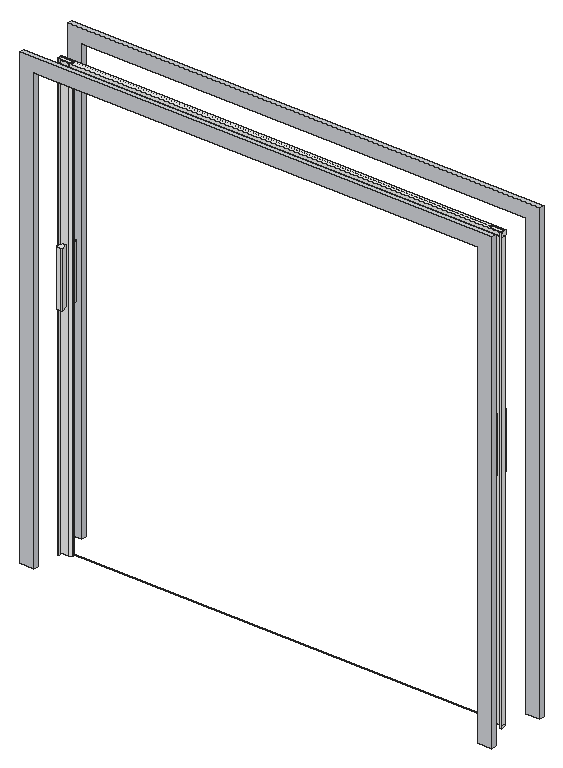
Revit family "Woodfold-Accordion-Door-Family-Series-440-Double", category Doors, host Wall, Revit 2026 (continued)
Definition of nested family "Detail - Panel Section - Recessed Track"
  Lines and regions (in)
    detail lines, in view "Ref. Level"
      curve 30: line (47.35392, -2.28816, 0) -> (47.03637, -2.28816, 0)
      curve 31: arc (47.07493, -2.22839, 0) -> (47.01689, -2.29205, 0) -> (46.95504, -2.23208, 0) r 0.06
      curve 32: line (47.315, -2.25816, 0) -> (47.06907, -2.25816, 0)
      curve 33: line (47.07493, -2.22839, 0) -> (47.35392, -2.22816, 0)
      curve 34: line (47.07511, -2.17209, 0) -> (47.07511, -2.22839, 0)
      curve 35: line (47.375, -2.17209, 0) -> (47.07511, -2.17209, 0)
      curve 36: line (47.375, -2.40479, 0) -> (47.375, 2.40479, 0)
      curve 37: arc (46.955, -1.14495, 0) -> (46.97747, -1.18941, 0) -> (46.955, -1.23387, 0) r 0.05523
      curve 38: arc (46.955, -0.39495, 0) -> (46.97747, -0.43941, 0) -> (46.955, -0.48387, 0) r 0.05523
      curve 39: arc (46.955, 0.47505, 0) -> (46.97747, 0.43059, 0) -> (46.955, 0.38613, 0) r 0.05523
      curve 40: arc (46.955, 1.22505, 0) -> (46.97747, 1.18059, 0) -> (46.955, 1.13613, 0) r 0.05523
      curve 41: arc (46.955, 2.11176, 0) -> (46.96964, 2.14712, 0) -> (47.005, 2.16176, 0) r 0.05
      curve 42: line (47.375, 2.16176, 0) -> (47.005, 2.16176, 0)
      curve 43: arc (47.07511, 1.34792, 0) -> (47.01511, 1.40792, 0) -> (47.07511, 1.46792, 0) r 0.06
      curve 44: arc (47.07511, 1.46792, 0) -> (47.13511, 1.40792, 0) -> (47.07511, 1.34792, 0) r 0.06
      curve 45: arc (47.07511, -1.44643, 0) -> (47.01511, -1.38643, 0) -> (47.07511, -1.32643, 0) r 0.06
      curve 46: arc (47.07511, -1.32643, 0) -> (47.13511, -1.38643, 0) -> (47.07511, -1.44643, 0) r 0.06
      curve 47: arc (47.375, 2.199, 0) -> (47.41022, 2.28802, 0) -> (47.375, 2.37703, 0) r 0.13011
      curve 48: line (47.35392, 2.21839, 0) -> (47.35392, 2.35623, 0)
      curve 49: line (47.35392, 2.22816, 0) -> (46.955, 2.22816, 0)
      curve 94: line (48, -2.40479, 0) -> (48, 2.34521, 0)
      curve 96: line (46.955, -2.23208, 0) -> (46.955, 2.11176, 0)
      curve 98: line (1.73233, -2.22816, 0) -> (1.73233, 2.11585, 0)
    detail lines, in view "Ref. Level", not visible
      curve 50: arc (0, -2.199, 0) -> (-0.03522, -2.28802, 0) -> (0, -2.37703, 0) r 0.13011
      curve 51: line (0.02108, -2.21839, 0) -> (0.02108, -2.35623, 0)
      curve 52: line (0.02108, -2.28816, 0) -> (0.33863, -2.28816, 0)
      curve 53: arc (0.30007, -2.22839, 0) -> (0.36007, -2.29208, 0) -> (0.41983, -2.22816, 0) r 0.06
      curve 54: line (0.06, -2.25816, 0) -> (0.30593, -2.25816, 0)
      curve 55: line (0.30007, -2.22839, 0) -> (0.02108, -2.22816, 0)
      curve 56: line (0.29989, -2.17209, 0) -> (0.29989, -2.22839, 0)
      curve 57: line (0, -2.17209, 0) -> (0.29989, -2.17209, 0)
      curve 58: line (0, -2.40479, 0) -> (0, 2.40479, 0)
      curve 59: arc (0.41983, -1.14507, 0) -> (0.39753, -1.18941, 0) -> (0.41983, -1.23375, 0) r 0.05523
      curve 60: arc (0.41983, -0.39507, 0) -> (0.39753, -0.43941, 0) -> (0.41983, -0.48375, 0) r 0.05523
      curve 61: arc (0.41983, 0.47493, 0) -> (0.39753, 0.43059, 0) -> (0.41983, 0.38625, 0) r 0.05523
      curve 62: arc (0.41983, 1.22493, 0) -> (0.39753, 1.18059, 0) -> (0.41983, 1.13625, 0) r 0.05523
      curve 63: arc (0.41983, 2.11585, 0) -> (0.40388, 2.14854, 0) -> (0.37, 2.16176, 0) r 0.05
      curve 64: line (0, 2.16176, 0) -> (0.37, 2.16176, 0)
      curve 65: arc (0.29989, 1.34792, 0) -> (0.35989, 1.40792, 0) -> (0.29989, 1.46792, 0) r 0.06
      curve 66: arc (0.29989, 1.46792, 0) -> (0.23989, 1.40792, 0) -> (0.29989, 1.34792, 0) r 0.06
      curve 67: arc (0.29989, -1.44643, 0) -> (0.35989, -1.38643, 0) -> (0.29989, -1.32643, 0) r 0.06
      curve 68: arc (0.29989, -1.32643, 0) -> (0.23989, -1.38643, 0) -> (0.29989, -1.44643, 0) r 0.06
      curve 69: arc (0, 2.199, 0) -> (-0.03522, 2.28802, 0) -> (0, 2.37703, 0) r 0.13011
      curve 70: line (0.02108, 2.21839, 0) -> (0.02108, 2.35623, 0)
      curve 71: line (0.41983, 2.22816, 0) -> (0.02108, 2.22816, 0)
      curve 72: arc (8.68994, -2.199, 0) -> (8.72516, -2.28802, 0) -> (8.68994, -2.37703, 0) r 0.13011
      curve 73: line (8.66886, -2.21839, 0) -> (8.66886, -2.35623, 0)
      curve 74: line (8.66886, -2.28816, 0) -> (8.35131, -2.28816, 0)
      curve 75: arc (8.38987, -2.22839, 0) -> (8.33183, -2.29205, 0) -> (8.26998, -2.23208, 0) r 0.06
      curve 76: line (8.62994, -2.25816, 0) -> (8.38402, -2.25816, 0)
      curve 77: line (8.38987, -2.22839, 0) -> (8.66886, -2.22816, 0)
      curve 78: line (8.39005, -2.17209, 0) -> (8.39005, -2.22839, 0)
      curve 79: line (8.68994, -2.17209, 0) -> (8.39005, -2.17209, 0)
      curve 80: line (8.68994, -2.40479, 0) -> (8.68994, 2.40479, 0)
      curve 81: arc (8.26994, -1.14495, 0) -> (8.29241, -1.18941, 0) -> (8.26994, -1.23387, 0) r 0.05523
      curve 82: arc (8.26994, -0.39495, 0) -> (8.29241, -0.43941, 0) -> (8.26994, -0.48387, 0) r 0.05523
      curve 83: arc (8.26994, 0.47505, 0) -> (8.29241, 0.43059, 0) -> (8.26994, 0.38613, 0) r 0.05523
      curve 84: arc (8.26994, 1.22505, 0) -> (8.29241, 1.18059, 0) -> (8.26994, 1.13613, 0) r 0.05523
      curve 85: arc (8.26994, 2.11176, 0) -> (8.28459, 2.14712, 0) -> (8.31994, 2.16176, 0) r 0.05
      curve 86: line (8.68994, 2.16176, 0) -> (8.31994, 2.16176, 0)
      curve 87: arc (8.39005, 1.34792, 0) -> (8.33005, 1.40792, 0) -> (8.39005, 1.46792, 0) r 0.06
      curve 88: arc (8.39005, 1.46792, 0) -> (8.45005, 1.40792, 0) -> (8.39005, 1.34792, 0) r 0.06
      curve 89: arc (8.39005, -1.44643, 0) -> (8.33005, -1.38643, 0) -> (8.39005, -1.32643, 0) r 0.06
      curve 90: arc (8.39005, -1.32643, 0) -> (8.45005, -1.38643, 0) -> (8.39005, -1.44643, 0) r 0.06
      curve 91: arc (8.68994, 2.199, 0) -> (8.72516, 2.28802, 0) -> (8.68994, 2.37703, 0) r 0.13011
      curve 92: line (8.66886, 2.21839, 0) -> (8.66886, 2.35623, 0)
      curve 93: line (8.66886, 2.22816, 0) -> (8.26994, 2.22816, 0)
      curve 95: line (9.31494, -2.40479, 0) -> (9.31494, 2.34521, 0)
      curve 97: line (8.26994, -2.23208, 0) -> (8.26994, 2.11176, 0)
      curve 99: line (0.41983, -2.22816, 0) -> (0.41983, 2.11585, 0)
  Dimensions and locks (in)
    "built-in parameter 1001306": plane 3 "Left" to plane 4 "Right"
    locked: plane 5 to plane 4 "Right" at 1.045
    aligned and locked: plane 1 "Center (Front/Back)" to curve 1
    aligned and locked: plane 4 "Right" to curve 1
    aligned and locked: plane 3 "Left" to curve 1
    aligned and locked: curve 94 to plane 4 "Right"
    aligned and locked: Filled region 1 to plane 5
    aligned and locked: curve 24 to curve 25
    aligned and locked: curve 8 to curve 4
    aligned and locked: curve 12 to nested 1
    aligned and locked: Filled region 1 to curve 98
  Automatic sketch dimensions
    plane 1 "Center (Front/Back)" to Filled region 1 sketch curve = 0' - 2.22816"
    Filled region 1 sketch curve to plane 1 "Center (Front/Back)" = 0' - 2.2317"
    plane 3 "Left" to Filled region 1 sketch curve = 3' - 10.955"
    plane 3 "Left" to Filled region 1 sketch curve = 0' - 1.73233"
    curve 38 to curve 39 = 0' - 0"
    curve 40 to curve 39 = 0' - 0"
    curve 38 to curve 37 = 0' - 0"
    curve 49 to curve 40 = 0' - 0"
    curve 37 to curve 37 = 0' - 0.03276"
    curve 49 to curve 41 = 0' - 0"
    curve 37 to curve 31 = 0' - 0.00004"
    curve 41 to curve 41 = 0' - 0.05"
    curve 42 to curve 41 = 0' - 0"
    curve 31 to curve 30 = 0' - 0.02133"
    curve 30 to curve 32 = 0' - 0.0327"
    curve 32 to curve 33 = 0' - 0.00585"
    curve 37 to curve 46 = 0' - 0.12011"
    curve 40 to curve 43 = 0' - 0.12011"
    curve 31 to curve 35 = 0' - 0.00018"
    curve 42 to curve 47 = 0' - 0.27511"
    curve 32 to curve 28 = 0' - 0.21103"
    curve 28 to curve 32 = 0' - 0.03489"
    curve 47 to curve 48 = 0' - 0.07381"
    curve 32 to curve 29 = 0' - 0.03892"
    curve 29 to curve 28 = 0' - 0.02108"
    curve 47 to curve 94 = 0' - 0 5/8"
    curve 36 to curve 94 = 0' - 0"
    curve 36 to curve 28 = 0' - 0.02776"
    curve 28 to curve 29 = 0' - 0.0208"
    curve 29 to curve 30 = 0' - 0.06807"
    curve 30 to curve 28 = 0' - 0.00014"
    curve 30 to curve 32 = 0' - 0.03"
    curve 31 to curve 34 = 0' - 0"
    curve 33 to curve 29 = 0' - 0.00977"
    curve 34 to curve 34 = 0' - 0.0563"
    curve 34 to curve 46 = 0' - 0.72566"
    curve 45 to curve 45 = 0' - 0.06"
    curve 45 to curve 37 = 0' - 0.09256"
    curve 37 to curve 37 = 0' - 0.04446"
    curve 37 to curve 38 = 0' - 0.66108"
    curve 38 to curve 38 = 0' - 0.04446"
    curve 38 to curve 39 = 0' - 0.78108"
    curve 39 to curve 39 = 0' - 0.04446"
    curve 39 to curve 40 = 0' - 0.66108"
    curve 40 to curve 40 = 0' - 0.04446"
    curve 40 to curve 43 = 0' - 0.12287"
    curve 43 to curve 44 = 0' - 0.06"
    curve 43 to curve 41 = 0' - 0.64384"
    curve 41 to curve 42 = 0' - 0"
    curve 42 to curve 47 = 0' - 0.03724"
    curve 47 to curve 48 = 0' - 0.01939"
    curve 42 to curve 49 = 0' - 0 17/256"
    curve 49 to curve 47 = 0' - 0.05986"
    curve 94 to curve 47 = 0' - 0.03183"
    curve 48 to curve 47 = 0' - 0.0208"
    curve 47 to curve 36 = 0' - 0.02776"
    curve 82 to curve 83 = 0' - 0"
    curve 84 to curve 83 = 0' - 0"
    curve 82 to curve 81 = 0' - 0"
    curve 93 to curve 84 = 0' - 0"
    curve 81 to curve 81 = 0' - 0.03276"
    curve 93 to curve 85 = 0' - 0"
    curve 81 to curve 75 = 0' - 0.00004"
    curve 85 to curve 85 = 0' - 0.05"
    curve 86 to curve 85 = 0' - 0"
    curve 75 to curve 74 = 0' - 0.02133"
    curve 74 to curve 76 = 0' - 0.0327"
    curve 76 to curve 77 = 0' - 0.00585"
    curve 81 to curve 90 = 0' - 0.12011"
    curve 84 to curve 87 = 0' - 0.12011"
    curve 75 to curve 79 = 0' - 0.00018"
    curve 86 to curve 91 = 0' - 0.27511"
    curve 76 to curve 72 = 0' - 0.21103"
    curve 72 to curve 76 = 0' - 0.03489"
    curve 91 to curve 92 = 0' - 0.07381"
    curve 76 to curve 73 = 0' - 0.03892"
    curve 73 to curve 72 = 0' - 0.02108"
    curve 91 to curve 95 = 0' - 0 5/8"
    curve 80 to curve 95 = 0' - 0"
    curve 80 to curve 72 = 0' - 0.02776"
    curve 72 to curve 73 = 0' - 0.0208"
    curve 73 to curve 74 = 0' - 0.06807"
    curve 74 to curve 72 = 0' - 0.00014"
    curve 74 to curve 76 = 0' - 0.03"
    curve 75 to curve 78 = 0' - 0"
    curve 77 to curve 73 = 0' - 0.00977"
    curve 78 to curve 78 = 0' - 0.0563"
    curve 78 to curve 90 = 0' - 0.72566"
    curve 89 to curve 89 = 0' - 0.06"
    curve 89 to curve 81 = 0' - 0.09256"
    curve 81 to curve 81 = 0' - 0.04446"
    curve 81 to curve 82 = 0' - 0.66108"
    curve 82 to curve 82 = 0' - 0.04446"
    curve 82 to curve 83 = 0' - 0.78108"
    curve 83 to curve 83 = 0' - 0.04446"
    curve 83 to curve 84 = 0' - 0.66108"
    curve 84 to curve 84 = 0' - 0.04446"
    curve 84 to curve 87 = 0' - 0.12287"
    curve 87 to curve 88 = 0' - 0.06"
    curve 87 to curve 85 = 0' - 0.64384"
    curve 85 to curve 86 = 0' - 0"
    curve 86 to curve 91 = 0' - 0.03724"
    curve 91 to curve 92 = 0' - 0.01939"
    curve 86 to curve 93 = 0' - 0 17/256"
    curve 93 to curve 91 = 0' - 0.05986"
    curve 95 to curve 91 = 0' - 0.03183"
    curve 92 to curve 91 = 0' - 0.0208"
    curve 91 to curve 80 = 0' - 0.02776"
    curve 43 to curve 44 = 0' - 0"  (x2)
    curve 45 to curve 46 = 0' - 0"  (x2)
    curve 96 to curve 31 = 0' - 0"
    curve 96 to curve 41 = 0' - 0"
    curve 87 to curve 88 = 0' - 0"  (x2)
    curve 89 to curve 90 = 0' - 0"  (x2)
    curve 97 to curve 75 = 0' - 0"
    curve 97 to curve 85 = 0' - 0"
    curve 25 to curve 26 = 0' - 0.04008"
    plane 3 "Left" to curve 8 = 0' - 1.56879"
    curve 8 to curve 9 = 0' - 0.0327"
    curve 9 to plane 5 = 0' - 0.00601"
    curve 8 to plane 5 = 0' - 0.03871"
    curve 26 to plane 5 = 0' - 0.36858"
    curve 26 to curve 25 = 0' - 0.03034"
    curve 8 to curve 9 = 0' - 0.03"
    curve 26 to plane 1 "Center (Front/Back)" = 0' - 2.26161"
    curve 26 to curve 25 = 0' - 0.03"
    curve 23 to curve 24 = 0' - 0.02108"
    curve 2 to curve 3 = 0' - 0.02108"
    curve 4 to curve 6 = 0' - 0.03892"
    curve 27 to curve 23 = 0' - 0.07381"
    curve 6 to curve 2 = 0' - 0.03489"
    curve 2 to curve 10 = 0' - 0.205"
    curve 18 to curve 19 = 0' - 0.29989"
    curve 10 to curve 22 = 0' - 0"
    curve 10 to curve 5 = 0' - 0.00018"
    curve 5 to curve 6 = 0' - 0.00585"
    curve 6 to curve 4 = 0' - 0.0327"
    curve 4 to curve 5 = 0' - 0.02133"
    curve 23 to curve 18 = 0' - 0.27511"
    curve 17 to curve 18 = 0' - 0"  (x2)
    curve 17 to curve 17 = 0' - 0.04983"
    curve 18 to curve 27 = 0' - 0.04983"
    curve 16 to curve 16 = 0' - 0.03293"
    curve 13 to curve 13 = 0' - 0.03293"
    curve 15 to curve 15 = 0' - 0.03293"
    curve 14 to curve 14 = 0' - 0.03293"
    curve 12 to curve 2 = 0' - 0.02776"
    curve 2 to curve 3 = 0' - 0.0208"
    curve 3 to curve 4 = 0' - 0.06807"
    curve 4 to curve 2 = 0' - 0.00014"
    curve 4 to curve 6 = 0' - 0.03"
    curve 7 to curve 10 = 0' - 0"
    curve 7 to curve 3 = 0' - 0.00977"
    curve 10 to curve 11 = 0' - 0.0563"
    curve 10 to curve 22 = 0' - 0.72566"
    curve 21 to curve 22 = 0' - 0.06"
    curve 21 to curve 13 = 0' - 0.09268"
    curve 13 to curve 13 = 0' - 0.04434"
    curve 13 to curve 14 = 0' - 0.66132"
    curve 14 to curve 14 = 0' - 0.04434"
    curve 14 to curve 15 = 0' - 0.78133"
    curve 15 to curve 15 = 0' - 0.04434"
    curve 15 to curve 16 = 0' - 0.66132"
    curve 16 to curve 16 = 0' - 0.04434"
    curve 16 to curve 19 = 0' - 0.12299"
    curve 19 to curve 20 = 0' - 0.06"
    curve 19 to curve 17 = 0' - 0.64384"
    curve 17 to curve 17 = 0' - 0.00409"
    curve 18 to curve 23 = 0' - 0.03724"
    curve 23 to curve 24 = 0' - 0.01939"
    curve 24 to curve 27 = 0' - 0.00977"
    curve 27 to curve 23 = 0' - 0.05986"
    curve 24 to curve 23 = 0' - 0.0208"
    curve 23 to curve 12 = 0' - 0.02776"
    curve 19 to curve 20 = 0' - 0"  (x2)
    curve 21 to curve 22 = 0' - 0"  (x2)
    curve 69 to curve 70 = 0' - 0.02108"
    curve 50 to curve 51 = 0' - 0.02108"
    curve 52 to curve 54 = 0' - 0.03892"
    curve 71 to curve 69 = 0' - 0.07381"
    curve 54 to curve 50 = 0' - 0.03489"
    curve 50 to curve 56 = 0' - 0.205"
    curve 64 to curve 65 = 0' - 0.29989"
    curve 56 to curve 68 = 0' - 0"
    curve 56 to curve 53 = 0' - 0.00018"
    curve 53 to curve 54 = 0' - 0.00585"
    curve 54 to curve 52 = 0' - 0.0327"
    curve 52 to curve 53 = 0' - 0.02133"
    curve 69 to curve 64 = 0' - 0.27511"
    curve 63 to curve 64 = 0' - 0"  (x2)
    curve 63 to curve 63 = 0' - 0.04983"
    curve 64 to curve 71 = 0' - 0.04983"
    curve 62 to curve 62 = 0' - 0.03293"
    curve 59 to curve 59 = 0' - 0.03293"
    curve 61 to curve 61 = 0' - 0.03293"
    curve 60 to curve 60 = 0' - 0.03293"
    curve 58 to curve 50 = 0' - 0.02776"
    curve 50 to curve 51 = 0' - 0.0208"
    curve 51 to curve 52 = 0' - 0.06807"
    curve 52 to curve 50 = 0' - 0.00014"
    curve 52 to curve 54 = 0' - 0.03"
    curve 55 to curve 56 = 0' - 0"
    curve 55 to curve 51 = 0' - 0.00977"
    curve 56 to curve 57 = 0' - 0.0563"
    curve 56 to curve 68 = 0' - 0.72566"
    curve 67 to curve 68 = 0' - 0.06"
    curve 67 to curve 59 = 0' - 0.09268"
    curve 59 to curve 59 = 0' - 0.04434"
    curve 59 to curve 60 = 0' - 0.66132"
    curve 60 to curve 60 = 0' - 0.04434"
    curve 60 to curve 61 = 0' - 0.78133"
    curve 61 to curve 61 = 0' - 0.04434"
    curve 61 to curve 62 = 0' - 0.66132"
    curve 62 to curve 62 = 0' - 0.04434"
    curve 62 to curve 65 = 0' - 0.12299"
    curve 65 to curve 66 = 0' - 0.06"
    curve 65 to curve 63 = 0' - 0.64384"
    curve 63 to curve 63 = 0' - 0.00409"
    curve 64 to curve 69 = 0' - 0.03724"
    curve 69 to curve 70 = 0' - 0.01939"
    curve 70 to curve 71 = 0' - 0.00977"
    curve 71 to curve 69 = 0' - 0.05986"
    curve 70 to curve 69 = 0' - 0.0208"
    curve 69 to curve 58 = 0' - 0.02776"
    curve 65 to curve 66 = 0' - 0"  (x2)
    curve 67 to curve 68 = 0' - 0"  (x2)
  Nested families (in)
    nested 1: "Detail Recessed Track" at (0, 0, 0) x (-1, 0, 0) z (0, 0, 1), type "Detail Track", in view "Ref. Level"
  Definition of nested family "Detail Recessed Track"
    Parameters
      Assembly Code = ""
    Reference planes (in)
      plane 1 "Center (Front/Back)": y = 0
      plane 2: z = 0
      plane 3 "Center (Left/Right)": x = 0
    Lines and regions (in)
      detail lines, in view "Ref. Level"
        curve 1: line (-0.9375, 0.5625, 0) -> (-0.125, 0.5625, 0)
        curve 2: line (-0.125, -0.5625, 0) -> (-0.9375, -0.5625, 0)
        curve 3: line (-0.125, 0.5625, 0) -> (-0.125, -0.5625, 0)
        curve 4: line (-1.0625, -0.4375, 0) -> (-1.0625, -0.3125, 0)
        curve 5: line (-1.3125, -0.15789, 0) -> (-1.3125, 0.15789, 0)
        curve 6: line (-1.3125, 0.15789, 0) -> (-0.8125, 0.15789, 0)
        curve 7: line (-1.3125, -0.15789, 0) -> (-0.8125, -0.15789, 0)
        curve 8: line (-1.0625, -0.4375, 0) -> (-0.9375, -0.5625, 0)
        curve 9: line (-1.0625, -0.3125, 0) -> (-0.90789, -0.15789, 0)
        curve 10: line (-1.0625, 0.4375, 0) -> (-1.0625, 0.3125, 0)
        curve 11: line (-1.0625, 0.4375, 0) -> (-0.9375, 0.5625, 0)
        curve 12: line (-1.0625, 0.3125, 0) -> (-0.90789, 0.15789, 0)
        curve 13: line (-0.88572, 0.4375, 0) -> (-0.25, 0.4375, 0)
        curve 14: line (-0.25, 0.4375, 0) -> (-0.25, -0.4375, 0)
        curve 15: line (-0.25, -0.4375, 0) -> (-0.88572, -0.4375, 0)
        curve 16: line (-0.9375, -0.38572, 0) -> (-0.88572, -0.4375, 0)
        curve 17: line (-0.9375, -0.38572, 0) -> (-0.9375, -0.36428, 0)
        curve 18: line (-0.9375, -0.36428, 0) -> (-0.81951, -0.24628, 0)
        curve 19: line (-0.9375, 0.36428, 0) -> (-0.81951, 0.24628, 0)
        curve 20: line (-0.9375, 0.38572, 0) -> (-0.9375, 0.36428, 0)
        curve 21: line (-0.9375, 0.38572, 0) -> (-0.88572, 0.4375, 0)
        curve 22: line (-0.81951, -0.24628, 0) -> (-0.90789, -0.15789, 0)
        curve 23: line (-0.90789, 0.15789, 0) -> (-0.81951, 0.24628, 0)
        curve 24: line (-0.8125, -0.3125, 0) -> (-0.8125, 0.3125, 0)
        curve 25: arc (-0.33779, 0.4375, 0) -> (-0.27529, 0.375, 0) -> (-0.33779, 0.3125, 0) r 0.0625
        curve 26: line (-0.33779, 0.3125, 0) -> (-0.85749, 0.3125, 0)
        curve 27: arc (-0.85749, 0.4375, 0) -> (-0.91999, 0.375, 0) -> (-0.85749, 0.3125, 0) r 0.0625
        curve 28: arc (-0.33779, -0.4375, 0) -> (-0.27529, -0.375, 0) -> (-0.33779, -0.3125, 0) r 0.0625
        curve 29: line (-0.33779, -0.3125, 0) -> (-0.85749, -0.3125, 0)
        curve 30: arc (-0.85749, -0.4375, 0) -> (-0.91999, -0.375, 0) -> (-0.85749, -0.3125, 0) r 0.0625
        curve 31: line (-0.4375, -0.3125, 0) -> (-0.4375, 0.3125, 0)
        curve 32: line (-0.9375, 0.5625, 0) -> (-0.1875, 0.5625, 0)
        curve 33: line (-0.1875, -0.5625, 0) -> (-0.9375, -0.5625, 0)
        curve 34: line (-1.0625, -0.4375, 0) -> (-1.0625, -0.3125, 0)
        curve 35: line (-1.3125, -0.15789, 0) -> (-1.3125, 0.15789, 0)
        curve 36: line (-1.3125, 0.15789, 0) -> (-0.90789, 0.15789, 0)
        curve 37: line (-1.3125, -0.15789, 0) -> (-0.90789, -0.15789, 0)
        curve 38: line (-1.0625, -0.4375, 0) -> (-0.9375, -0.5625, 0)
        curve 39: line (-1.0625, -0.3125, 0) -> (-0.90789, -0.15789, 0)
        curve 40: line (-1.0625, 0.4375, 0) -> (-1.0625, 0.3125, 0)
        curve 41: line (-1.0625, 0.4375, 0) -> (-0.9375, 0.5625, 0)
        curve 42: line (-1.0625, 0.3125, 0) -> (-0.90789, 0.15789, 0)
        curve 43: line (-0.75, 0.65625, 0) -> (-0.75, 1.90625, 0)
        curve 44: line (-0.75, 0.65625, 0) -> (0, 0.65625, 0)
        curve 45: line (0, 0.65625, 0) -> (0, -0.65625, 0)
        curve 46: line (0, -0.65625, 0) -> (-0.75, -0.65625, 0)
        curve 47: line (-0.75, -0.65625, 0) -> (-0.75, -1.90625, 0)
        curve 48: line (-0.875, 0.5625, 0) -> (-0.875, 1.90625, 0)
        curve 49: line (-0.875, -0.5625, 0) -> (-0.875, -1.90625, 0)
        curve 50: line (-0.875, 1.90625, 0) -> (-0.75, 1.90625, 0)
        curve 51: line (-0.875, -1.90625, 0) -> (-0.75, -1.90625, 0)
    Nested families (in)
      nested 1: "Metal Screw" at (0.37615, 0, 0) x (0, 1, 0) z (0, 0, 1), type "1"", in view "Ref. Level"
    Definition of nested family "Metal Screw"
      Parameters
        Length = 0' - 1 1/2"
        Assembly Code = ""
      Reference planes (in)
        plane 1 "Center (Front/Back)": y = 0.62615
        plane 2: z = 0
        plane 3 "Center (Left/Right)": x = 0
        plane 4: y = -0.87385
      Lines and regions (in)
        Filled region 1, type "Steel", in view "Ref. Level"
          outline origin (0, 0, 0) x (1, 0, 0) y (0, 1, 0)
            loop
              line (-0.18472, 0.62615) -> (-0.0625, 0.62615) -> (-0.0625, -0.87385) -> (0, -0.93635) -> (0.0625, -0.87385) -> (0.0625, 0.62615) -> (0.18472, 0.62615)
              arc (0.18472, 0.62615) -> (0, 0.75115) -> (-0.18472, 0.62615) r 0.19899
        detail lines, in view "Ref. Level"
          curve 1: line (0.18472, 0.62615, 0) -> (0.05972, 0.62615, 0)
          curve 2: line (0.0625, 0.62615, 0) -> (0.0625, -0.87385, 0)
          curve 3: line (0.0625, -0.87385, 0) -> (0, -0.93635, 0)
          curve 4: line (-0.0625, 0.62615, 0) -> (-0.0625, -0.87385, 0)
          curve 5: line (-0.0625, -0.87385, 0) -> (0, -0.93635, 0)
          curve 7: line (-0.18472, 0.62615, 0) -> (-0.05972, 0.62615, 0)
          curve 8: arc (-0.18472, 0.62615, 0) -> (0, 0.75115, 0) -> (0.18472, 0.62615, 0) r 0.19899
        detail lines, in view "Ref. Level", not visible
          curve 6: line (0.18472, 0.8125, 0) -> (0.05972, 0.8125, 0)
          curve 9: line (-0.18472, 0.8125, 0) -> (-0.05972, 0.8125, 0)
          curve 10: arc (-0.18472, 0.8125, 0) -> (0, 0.9375, 0) -> (0.18472, 0.8125, 0) r 0.19899
          curve 11: line (0.0625, -1.18635, 0) -> (0, -1.24885, 0)
          curve 12: line (-0.0625, -1.18635, 0) -> (0, -1.24885, 0)
      Dimensions and locks (in)
        "Length": plane 1 "Center (Front/Back)" to plane 4
        aligned and locked: plane 1 "Center (Front/Back)" to curve 7
        aligned and locked: plane 4 to curve 2
        aligned and locked: plane 4 to curve 4
        aligned and locked: plane 4 to curve 3
        aligned and locked: Filled region 1 sketch curve to curve 7
        aligned and locked: Filled region 1 sketch curve to curve 4
        aligned and locked: Filled region 1 sketch curve to curve 5
        aligned and locked: Filled region 1 sketch curve to curve 3
        aligned and locked: Filled region 1 sketch curve to curve 2
        aligned and locked: Filled region 1 sketch curve to curve 1
      Automatic sketch dimensions
        curve 4 to plane 1 "Center (Front/Back)" = 0' - 0"
        curve 2 to plane 1 "Center (Front/Back)" = 0' - 0"
        curve 4 to plane 3 "Center (Left/Right)" = 0' - 0 1/16"
        plane 3 "Center (Left/Right)" to curve 2 = 0' - 0 1/16"
        curve 7 to curve 7 = 0' - 0 1/8"
        curve 7 to curve 8 = 0' - 0.05972"
        curve 8 to curve 1 = 0' - 0.05972"
        curve 1 to curve 8 = 0' - 0 1/8"
        curve 8 to curve 7 = 0' - 0.07399"
        curve 9 to curve 9 = 0' - 0 1/8"
        curve 9 to curve 10 = 0' - 0.05972"
        curve 10 to curve 6 = 0' - 0.05972"
        curve 6 to curve 10 = 0' - 0 1/8"
        curve 10 to curve 9 = 0' - 0.07399"
        Filled region 1 sketch curve to plane 3 "Center (Left/Right)" = 0' - 0"
        Filled region 1 sketch curve to Filled region 1 sketch curve = 0' - 0.12222"
        plane 1 "Center (Front/Back)" to Filled region 1 sketch curve = 0' - 0.07399"
Definition of nested family "Detail - Double Opening Arrow"
  Parameters
    built-in parameter 1001306 [instance] = 5' - 0"
  Reference planes (in)
    plane 1 "Center (Front/Back)": y = 0
    plane 2: z = 0
    plane 3 "Left": x = 0
    plane 4 "Right": x = 60
  Lines and regions (in)
    reference lines, in view "Ref. Level"
      curve 1: line (0, 0, 0) -> (60, 0, 0)
    detail lines, in view "Ref. Level"
      curve 2: line (0, 0, 0) -> (60, 0, 0)
      curve 3: line (51.51472, 8.48528, 0) -> (60, 0, 0)
      curve 4: line (60, 0, 0) -> (51.51472, -8.48528, 0)
      curve 5: line (0, 0, 0) -> (8.48528, 8.48528, 0)
      curve 6: line (0, 0, 0) -> (8.48528, -8.48528, 0)
  Dimensions and locks (in)
    "built-in parameter 1001306": plane 3 "Left" to plane 4 "Right"
    aligned and locked: plane 1 "Center (Front/Back)" to curve 1
    aligned and locked: plane 4 "Right" to curve 1
    aligned and locked: plane 3 "Left" to curve 1
  Automatic sketch dimensions
    curve 5 to plane 1 "Center (Front/Back)" = 0' - 0"
    curve 5 to plane 3 "Left" = 0' - 0"
    curve 2 to plane 4 "Right" = 0' - 0"
    plane 3 "Left" to curve 5 = 0' - 8.48528"
    plane 3 "Left" to curve 6 = 0' - 8.48528"
    plane 4 "Right" to curve 3 = 0' - 8.48528"
    plane 4 "Right" to curve 4 = 0' - 8.48528"
    plane 1 "Center (Front/Back)" to curve 4 = 0' - 8.48528"
    curve 5 to plane 1 "Center (Front/Back)" = 0' - 8.48528"
Types (2): name | Hardware Type
  8'-0" x 8'-0" Surface Mounted w/Deadlatch | "Deadlatch with Thumbturn Two-side"
  8'-0" x 8'-0" Surface Mounted w/Magnetic Catch & Strike Plate | "Magnetic Catch & Strike Plate"
